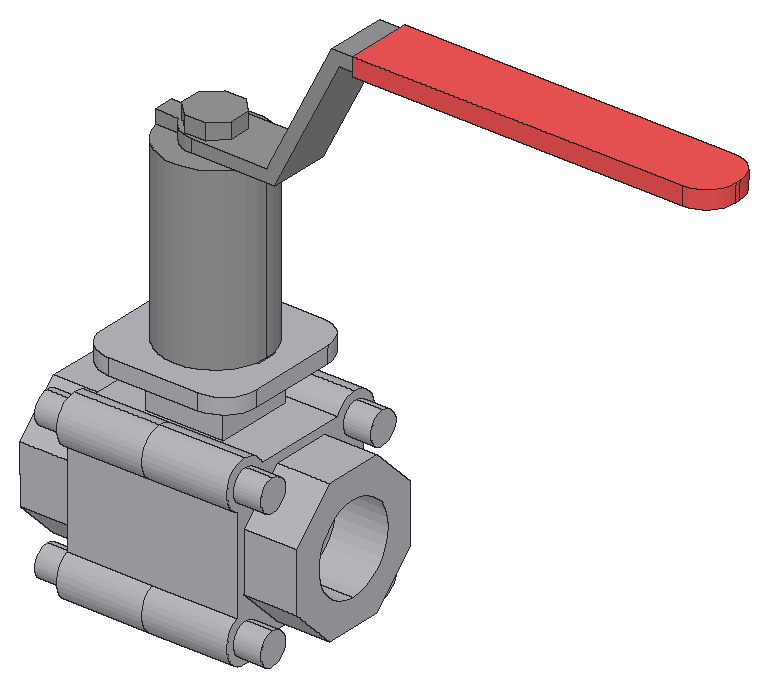
Revit family "321ACSEK-Ball-Valve", category Pipe Accessories, Revit 2018
Family settings
  Round Connector Dimension = Use Diameter
  Part Type = Valve - Breaks Into
  OmniClass Number = 23.60.30.11.14
  OmniClass Title = Pipework Fittings
  Work Plane-Based = No
  Always vertical = Yes
  Cut with Voids When Loaded = No
  Shared = No
Parameters
  Z4 [instance] = size_lookup(LookupTable, "Z4", 0.000", Nominal Diameter)  # 0.920"
  Z3 [instance] = size_lookup(LookupTable, "Z3", 0.000", Nominal Diameter)  # 0.200"
  Weight [instance] = size_lookup(LookupTable, "Weight", "NA", Nominal Diameter)  # "4.59 lbs."
  URL = "http://www.fnw.com"
  Standards Lookup Table = "Standards"  # constant formula
  R3 [instance] = size_lookup(LookupTable, "R3", 0.000", Nominal Diameter)  # 1.24451"
  Product ID Handle [instance] = size_lookup(LookupTable, "ProductIDHandle", "NA", Nominal Diameter)  # "4448723"
  Product ID [instance] = size_lookup(LookupTable, "ProductID", "NA", Nominal Diameter)  # "4106201"
  Pipe Diameter [instance] = size_lookup(Standards Lookup Table, "copper", 0.000", Nominal Diameter)  # 1.125"
  Pins [instance] = Lm / 2  # 0.880"
  Pin Length [instance] = X2 * 4 + X3  # 2.8824"
  Pin Diameter [instance] = size_lookup(LookupTable, "m", 0.000", Nominal Diameter)  # 0.400"
  Pin Bung [instance] = Pin Diameter * 1.5  # 0.600"
  Part Number Handle [instance] = size_lookup(LookupTable, "PartNumberHandle", "NA", Nominal Diameter)  # "FNW320ASEKGH"
  Part Number [instance] = size_lookup(LookupTable, "PartNumber", "NA", Nominal Diameter)  # "FNW321ACG"
  PIpe Radius [instance] = Pipe Diameter / 2  # 0.5625"
  NPT Insert [instance] = size_lookup(Standards Lookup Table, "NPT_insert", 0.000", Nominal Diameter)  # 0.6828"
  Manufacturer = "FNW"  # constant formula
  Lm [instance] = size_lookup(LookupTable, "lm", 0.000", Nominal Diameter)  # 1.760"
  Grip Pin4 [instance] = X3 / 2 + (X2 * 2)  # 1.4412"
  Gear [instance] = D3_Half - 0.063"  # 0.4295"
  Description BOM Handle [instance] = size_lookup(LookupTable, "Description_BOMHandle", "NA", Nominal Diameter)  # "1 - 1-1/4 STEM Extension Kit 320A BV"
  Description BOM [instance] = size_lookup(LookupTable, "Description_BOM", "NA", Nominal Diameter)  # "1 CS Stainless Steel 2000# 250# Steam Threaded 3 Piece"
  Z2 [instance] = size_lookup(LookupTable, "Z2", 0.000", Nominal Diameter)  # 0.300"
  Z1 [instance] = size_lookup(LookupTable, "Z1", 0.000", Nominal Diameter)  # 1.290"
  X3 [instance] = size_lookup(LookupTable, "X3", 0.000", Nominal Diameter)  # 1.4664"
  X2 [instance] = size_lookup(LookupTable, "X2", 0.000", Nominal Diameter)  # 0.354"
  X1 [instance] = size_lookup(LookupTable, "X1", 0.000", Nominal Diameter)  # 0.6828"
  Show Lever Clearance [instance] = no
  R2 [instance] = size_lookup(LookupTable, "R2", 0.000", Nominal Diameter)  # 1.04451"
  R1_Diam [instance] = R1 * 2  # 1.810"
  R1 [instance] = size_lookup(LookupTable, "R1", 0.000", Nominal Diameter)  # 0.905"
  Nominal Radius [instance] = Nominal Diameter / 2  # 0.500"
  Nominal Diameter [instance] = 1.000"
  LookupTable = "321ACSEK-Ball-Valve"  # constant formula
  HexAngle1 [instance] = 135.00°  # constant formula
  D4 [instance] = size_lookup(LookupTable, "D4", 0.000", Nominal Diameter)  # 0.5625"
  D3_Half [instance] = D3 / 2  # 0.4925"
  D3 [instance] = size_lookup(LookupTable, "D3", 0.000", Nominal Diameter)  # 0.985"
  D2_Half [instance] = D2 / 2  # 0.73875"
  D2 [instance] = size_lookup(LookupTable, "D2", 0.000", Nominal Diameter)  # 1.4775"
  D1_Half [instance] = D1 / 2  # 0.985"
  D1 [instance] = size_lookup(LookupTable, "D1", 0.000", Nominal Diameter)  # 1.970"
  Body_W [instance] = Lm / 2 + 0.125"  # 1.005"
  1_Z5 [instance] = size_lookup(LookupTable, "1_Z5", 0.000", Nominal Diameter)  # 0.250"
  1_Z4 [instance] = size_lookup(LookupTable, "1_Z4", 0.000", Nominal Diameter)  # 0.125"
  1_Z3 [instance] = size_lookup(LookupTable, "1_Z3", 0.000", Nominal Diameter)  # 2.283"
  1_Z2 [instance] = size_lookup(LookupTable, "1_Z2", 0.000", Nominal Diameter)  # 0.1644"
  1_Z1 [instance] = size_lookup(LookupTable, "1_Z1", 0.000", Nominal Diameter)  # 1.66135"
  1_Y1 [instance] = size_lookup(LookupTable, "1_Y1", 0.000", Nominal Diameter)  # 0.760"
  1_X6 [instance] = size_lookup(LookupTable, "1_X6", 0.000", Nominal Diameter)  # 0.375"
  1_X5 [instance] = size_lookup(LookupTable, "1_X5", 0.000", Nominal Diameter)  # 0.375"
  1_X4 [instance] = size_lookup(LookupTable, "1_X4", 0.000", Nominal Diameter)  # 0.90315"
  1_X3 [instance] = size_lookup(LookupTable, "1_X3", 0.000", Nominal Diameter)  # 6.690"
  1_X2 [instance] = size_lookup(LookupTable, "1_X2", 0.000", Nominal Diameter)  # 0.83068"
  1_X1 [instance] = size_lookup(LookupTable, "1_X1", 0.000", Nominal Diameter)  # 1.8063"
  1_D1 [instance] = size_lookup(LookupTable, "1_D1", 0.000", Nominal Diameter)  # 1.3138"
Reference planes (in)
  plane 1 "Center (Front/Back)": y = 0
  plane 2: z = 0
  plane 3 "Center (Left/Right)": x = 0
  plane 4 "X7 End": x = -1.77
  plane 5: x = -0.7332
  plane 6: x = 0.7332
  plane 7: x = 1.77
  plane 8 "Pipe radius": z = 0.5625
  plane 9 "NPT": x = -1.0872
  plane 10: z = 0.905
  plane 11: z = 1.29
  plane 12: z = 1.59
  plane 13 "top of pad": z = 1.79
  plane 14: x = 1.0872
  plane 15: x = -1.0872
  plane 16: y = -0.88
  plane 17: z = -0.88
  plane 18: z = 0.88
  plane 19: y = 0.88
  plane 20: x = 10.098
  plane 21: x = -6.87
  plane 22: y = 2.5
  plane 23: y = -2.5
  plane 24: y = -0.88
  plane 25: z = -0.88
  plane 26: z = 0.88
  plane 27: y = 0.88
  plane 28: through (0, 0, 0) normal (0, 0.7071, -0.7071)
  plane 29: through (0, 0, 0) normal (0, 0.7071, 0.7071)
  plane 30: y = -0.88
  plane 31: y = 0.88
  plane 32: y = -1.465
  plane 33: z = -1.465
  plane 34: z = 1.465
  plane 35: y = 1.465
  plane 36 "Pin Plane": x = -1.4412
  plane 37 "NPT 3": x = 1.77
  plane 38: x = 1.4412
  plane 39: z = -1.27275
  plane 40 "LM": z = 1.27275
Forms (in)
  Extrusion 1, solid, material "Steel, Stainless", not visible
    sketch origin (-1.0872, 0, 0) x (0, 0, 1) y (0, -1, 0)
      loop
        circle (0, 0) r 0.5
    from 0 to 2.1744
  Extrusion 2, solid, material "Steel, Stainless"
    sketch origin (1.4276, 0, 0) x (0, 0, 1) y (0, -1, 0)
      loop
        line (-0.37486, -0.905) -> (0.37486, -0.905) -> (0.905, -0.37486) -> (0.905, 0.37486) -> (0.37486, 0.905) -> (-0.37486, 0.905) -> (-0.905, 0.37486) -> (-0.905, -0.37486) -> (-0.37486, -0.905)
      loop
        circle (0, 0) r 0.5625
    from -3.1976 to 0.3424
  Extrusion 3, solid, material "Steel, Stainless"
    sketch origin (0, 0, 0.865) x (-1, 0, 0) y (0, -1, 0)
      loop
        arc (0.56833, -0.985) -> (0.86296, -0.86296) -> (0.985, -0.56833) r 0.41667
        line (0.985, -0.56833) -> (0.985, 0.56833)
        arc (0.985, 0.56833) -> (0.86296, 0.86296) -> (0.56833, 0.985) r 0.41667
        line (0.56833, 0.985) -> (-0.56833, 0.985)
        arc (-0.56833, 0.985) -> (-0.86296, 0.86296) -> (-0.985, 0.56833) r 0.41667
        line (-0.985, 0.56833) -> (-0.985, -0.56833)
        arc (-0.985, -0.56833) -> (-0.86296, -0.86296) -> (-0.56833, -0.985) r 0.41667
        line (-0.56833, -0.985) -> (0.56833, -0.985)
      loop
        circle (0, 0) r 0.4925
      loop
        circle (0, 0) r 0.4295
    from 0.725 to 0.925
  Extrusion 4, solid, material "Steel, Stainless"
    sketch origin (0, 0, 0.865) x (-1, 0, 0) y (0, -1, 0)
      loop
        line (0.4925, -0.4925) -> (0.4925, 0.4925) -> (-0.4925, 0.4925) -> (-0.4925, -0.4925) -> (0.4925, -0.4925)
    from -0.3025 to 0.725
  Extrusion 5, solid, material "Steel, Stainless"
    sketch origin (0, 0, 0.865) x (-1, 0, 0) y (0, -1, 0)
      loop
        line (0.21875, -0.21875) -> (0.21875, 0.21875) -> (-0.21875, 0.21875) -> (-0.21875, -0.21875) -> (0.21875, -0.21875)
    from 0.425 to 0.925
  Extrusion 6, solid, material "Steel, Stainless"
    sketch origin (-1.0872, 0, 0) x (0, 0, 1) y (0, -1, 0)
      loop
        circle (0.88, 0.88) r 0.2
      loop
        circle (0.88, -0.88) r 0.2
      loop
        circle (-0.88, -0.88) r 0.2
      loop
        circle (-0.88, 0.88) r 0.2
    from -0.354 to 2.5284
  Extrusion 7, solid, material "Steel, Stainless"
    sketch origin (-1.0872, 0, 0) x (0, 0, 1) y (0, -1, 0)
      loop
        circle (0.88, -0.88) r 0.3
      loop
        circle (0.88, 0.88) r 0.3
      loop
        circle (-0.88, 0.88) r 0.3
      loop
        circle (-0.88, -0.88) r 0.3
    from 0 to 1.0872
  Extrusion 8, solid, material "Steel, Stainless"
    sketch origin (-1.0872, 0, 0) x (0, 0, 1) y (0, -1, 0)
      loop
        circle (0.88, -0.88) r 0.3
      loop
        circle (0.88, 0.88) r 0.3
      loop
        circle (-0.88, 0.88) r 0.3
      loop
        circle (-0.88, -0.88) r 0.3
    from 1.0872 to 2.1744
  Extrusion 9, solid, material "Steel, Stainless"
    sketch origin (-1.4412, 0, 0) x (0, 0, 1) y (0, -1, 0)
      loop
        line (1.005, -1.005) -> (1.005, 1.005) -> (-1.005, 1.005) -> (-1.005, -1.005) -> (1.005, -1.005)
    from 0.354 to 2.5284
Cuts and joins
  joined: Extrusion 7, Extrusion 8, Extrusion 9
Dimensions and locks (in)
  "PIpe Radius": plane 8 "Pipe radius" to plane 2
  "X1": plane 4 "X7 End" to plane 9 "NPT"
  "R1": Extrusion 2 sketch curve to plane 1 "Center (Front/Back)"
  "R1": plane 1 "Center (Front/Back)" to Extrusion 2 sketch curve  (x5)
  "R1": plane 2 to Extrusion 2 sketch curve  (x2)
  "R1": plane 10 to plane 2
  "Z1": plane 11 to plane 2
  "Z2": plane 12 to plane 11
  "Z3": plane 13 "top of pad" to plane 12
  "X2": plane 5 to plane 9 "NPT"
  "D1_Half": Extrusion 3 sketch curve to plane 3 "Center (Left/Right)"
  "D1_Half": plane 3 "Center (Left/Right)" to Extrusion 3 sketch curve
  "D1_Half": plane 1 "Center (Front/Back)" to Extrusion 3 sketch curve
  "D1_Half": Extrusion 3 sketch curve to plane 1 "Center (Front/Back)"
  "D3_Half": Extrusion 4 sketch curve to plane 3 "Center (Left/Right)"
  "D3_Half": plane 3 "Center (Left/Right)" to Extrusion 4 sketch curve
  "D3_Half": plane 1 "Center (Front/Back)" to Extrusion 4 sketch curve  (x2)
  "NPT Insert": plane 4 "X7 End" to plane 15
  equal spacing: Extrusion 5 sketch curve, plane 1 "Center (Front/Back)", Extrusion 5 sketch curve
  Extrusion 5 sketch curve to Extrusion 5 sketch curve = 0.4375"  (x2)
  equal spacing: Extrusion 5 sketch curve, plane 3 "Center (Left/Right)", Extrusion 5 sketch curve
  "Pins": plane 2 to plane 18
  "Pins": plane 2 to plane 17
  "Pins": plane 1 "Center (Front/Back)" to plane 16
  "Pins": plane 19 to plane 1 "Center (Front/Back)"
  equal spacing: plane 22, plane 1 "Center (Front/Back)", plane 23
  plane 22 to plane 23 = 5.000"
  "Pins": plane 27 to plane 1 "Center (Front/Back)" to plane 24
  "Pins": plane 25 to plane 2 to plane 26
  plane 31 to plane 30 = 1.760"
  equal spacing: plane 31, plane 1 "Center (Front/Back)", plane 30
  "Lm": plane 31 to plane 30
  plane 35 to plane 32 = 2.930"
  plane 33 to plane 34 = 2.930"
  "X2": plane 14 to plane 6
  "X2": plane 15 to plane 36 "Pin Plane"
  equal spacing: plane 6, plane 3 "Center (Left/Right)", plane 5
  "X3": plane 6 to plane 5
  "X1": plane 37 "NPT 3" to plane 14
  "Grip Pin4": Extrusion 6 to plane 3 "Center (Left/Right)"
  "X2": plane 38 to plane 14
  "NPT Insert": plane 7 to plane 14
  "Body_W": Extrusion 9 sketch curve to plane 2
  "Body_W": plane 1 "Center (Front/Back)" to Extrusion 9 sketch curve
  "Body_W": plane 2 to Extrusion 9 sketch curve
  "Body_W": Extrusion 9 sketch curve to plane 1 "Center (Front/Back)"
  "Nominal Radius": radius of Extrusion 1 sketch curve
  "PIpe Radius": radius of Extrusion 2 sketch curve
  radius of Extrusion 3 sketch curve = 0.41667"  (x4)
  "D3_Half": radius of Extrusion 3 sketch curve
  "Gear": radius of Extrusion 3 sketch curve
  "Pin Diameter": diameter of Extrusion 6 sketch curve  (x4)
  "Pin Bung": diameter of Extrusion 7 sketch curve  (x4)
  "Pin Bung": diameter of Extrusion 8 sketch curve  (x4)
  angle Extrusion 2 sketch curve to Extrusion 2 sketch curve = 135.00°  (x7)
  aligned and locked: plane 2 to level
  aligned and locked: plane 4 "X7 End" to Extrusion 2
  aligned and locked: Extrusion 3 to plane 12
  aligned and locked: plane 13 "top of pad" to Extrusion 3
  aligned and locked: Extrusion 4 to plane 8 "Pipe radius"
  aligned and locked: Extrusion 1 to plane 15
  aligned and locked: plane 12 to Extrusion 4
  aligned and locked: Extrusion 5 to plane 11
  aligned and locked: Extrusion 7 to plane 9 "NPT"
  aligned and locked: Extrusion 8 to Extrusion 1
  aligned and locked: plane 14 to Extrusion 8
  aligned and locked: Extrusion 2 to plane 37 "NPT 3"
  aligned and locked: plane 13 "top of pad" to Extrusion 5
  aligned and locked: Extrusion 6 to plane 36 "Pin Plane"
  aligned and locked: plane 3 "Center (Left/Right)" to Extrusion 7
  aligned and locked: Extrusion 8 to plane 3 "Center (Left/Right)"
  aligned and locked: Extrusion 9 to plane 9 "NPT"
  aligned and locked: Extrusion 9 to Extrusion 1
Automatic sketch dimensions
  Extrusion 1 sketch curve to level = 0.000"
  Extrusion 1 sketch curve to plane 1 "Center (Front/Back)" = 0.000"
  Extrusion 2 sketch curve to level = 0.000"
  Extrusion 2 sketch curve to plane 1 "Center (Front/Back)" = 0.000"
  Extrusion 3 sketch curve to Extrusion 3 sketch curve = 0.000"  (x2)
  plane 1 "Center (Front/Back)" to Extrusion 3 sketch curve = 0.000"
  Extrusion 3 sketch curve to plane 3 "Center (Left/Right)" = 0.000"
  Extrusion 6 sketch curve to plane 17 = 0.000"  (x2)
  Extrusion 6 sketch curve to plane 16 = 0.000"  (x2)
  plane 18 to Extrusion 6 sketch curve = 0.000"  (x2)
  Extrusion 6 sketch curve to plane 19 = 0.000"  (x2)
  Extrusion 7 sketch curve to plane 24 = 0.000"  (x2)
  Extrusion 7 sketch curve to plane 25 = 0.000"  (x2)
  plane 26 to Extrusion 7 sketch curve = 0.000"  (x2)
  Extrusion 7 sketch curve to plane 27 = 0.000"  (x2)
  plane 28 to Extrusion 8 sketch curve = 0.000"  (x2)
  Extrusion 8 sketch curve to plane 30 = 0.000"  (x2)
  plane 29 to Extrusion 8 sketch curve = 0.000"  (x2)
  Extrusion 8 sketch curve to plane 31 = 0.000"  (x2)
Nested families (in)
  nested 1: "Nested Lever Ex AC321A" at (0, 0, 1.79), Show Lever Clearance <- "Show Lever Clearance", Description BOM <- "Description BOM Handle", Part Number <- "Part Number Handle", Product ID <- "Product ID Handle", Z3 <- "Z3", 1_Z2 <- "1_Z2", 1_Z1 <- "1_Z1", 1_Y1 <- "1_Y1", 1_X3 <- "1_X3", 1_X2 <- "1_X2", 1_X1 <- "1_X1", D3 <- "D3", 1_Z3 <- "1_Z3", 1_Z4 <- "1_Z4", 1_Z5 <- "1_Z5", 1_D1 <- "1_D1", type "Nested Lever Ex AC321A"
    with Zero 0.000", Z6 0.125", Z3 0.200", Z1_Z2 0.91288", Void_Outer_Radius 0.4425", Void_Outer 0.885", Tab_Width 0.4425", Tab_Height_Center 0.83068", Show Lever Clearance no, Product ID "4448723", Part Number "FNW320ASEKGH", Nut 0.635", Lock_Tab_Width 1.010", Lock Tab 0.500", Hypotenuse_Tab_Center 0.92872", Grip_L3 0.2269", Grip_L2 0.19565", Grip_L1 0.03125", Description BOM "1 - 1-1/4 STEM Extension Kit 320A BV", D3_Half 0.32833", D3 0.985", Clearance Hieght 6.000", Angle Hex Head 135.00°, Ang_Constraint 39.81°, 1_Z5 0.250", 1_Z4 0.125", 1_Z3 2.283", 1_Z2_X2 0.3288", 1_Z2_Half 0.0822", 1_Z2 0.1644", 1_Z1_Quarter 0.49754", 1_Z1 1.66135", 1_Y1_Half 0.380", 1_Y1 0.760", 1_X3 6.690", 1_X2_Quarter 0.20767", 1_X2_Half 0.41534", 1_X2 0.83068", 1_X1 1.8063", 1_D1_Half 0.6569", 1_D1 1.3138", 0Grip 2.125"
Connectors (in)
  piping at (-1.0872, 0, 0), diameter 1, driven by "Nominal Diameter"
    settings: on Extrusion 1, index 1, connector inside diameter 24", connector length 0.000", flow factor 0, pipe flow 0 GPM, pressure drop 0.00 psi, fitting loss kfactor 0, connector angle 0.00°, fixture units 0, engagement length 0.000", angle of deflection 0.00°, flow configuration 0, flow direction 0, fitting loss method 0, system type 7, joint type 0, gender type 0, connector reference index 2, connector utility 0, adjustable connector no, is connector primary yes, connector description ""
  piping at (1.0872, 0, 0), diameter 1, driven by "Nominal Diameter"
    settings: on Extrusion 1, index 2, connector inside diameter 24", connector length 0.000", flow factor 0, pipe flow 0 GPM, pressure drop 0.00 psi, fitting loss kfactor 0, connector angle 0.00°, fixture units 0, engagement length 0.000", angle of deflection 0.00°, flow configuration 0, flow direction 0, fitting loss method 0, system type 7, joint type 0, gender type 0, connector reference index 1, connector utility 0, adjustable connector no, is connector primary no, connector description ""
Definition of nested family "Nested Lever Ex AC321A"
  Parameters (values of type "Nested Lever Ex 321A")
    Zero [instance] = 0.000"  # constant formula
    Z6 [instance] = 0.125"
    Z3 [instance] = 0.125"
    Z1_Z2 [instance] = ([1_Z1] + [1_Z2]) / 2  # 0.71875"
    Tab_Width [instance] = [1_Y1_Half] + (Grip_L1 * 2)  # 1.0625"
    Tab_Height_Center [instance] = [1_Z1] / 2  # 0.625"
    Product ID [instance] = ""
    Part Number [instance] = ""
    Nut [instance] = [1_Y1] - 0.125"  # 1.875"
    Lock_Tab_Width [instance] = [1_Y1] + 0.250"  # 2.250"
    Lock Tab [instance] = 0.500"  # constant formula
    Hypotenuse_Tab_Center [instance] = sqrt(Tab_Height_Center ^ 2 + [1_X2_Half] ^ 2)  # 0.97628"
    Description BOM [instance] = ""
    Angle 2 = 45.00°  # constant formula
    Ang_Constraint [instance] = 39.81°  # constant formula
    1_Z5 [instance] = 0.69253"
    1_Z4 [instance] = 0.31083"
    1_Z3 [instance] = 4.14213"
    1_Z2_X2 [instance] = [1_Z2] * 2  # 0.375"
    1_Z2 [instance] = 0.1875"
    1_Z1_Quarter [instance] = [1_Z1] / 4 + ([1_Z2_Half])  # 0.40625"
    1_Z1 [instance] = 1.250"
    1_Y1_Half [instance] = [1_Y1] / 2  # 1.000"
    1_Y1 [instance] = 2.000"
    1_X3 [instance] = 15.65095"
    1_X2_Quarter [instance] = [1_X2] / 4  # 0.375"
    1_X2_Half [instance] = [1_X2] / 2  # 0.750"
    1_X1 [instance] = 2.500"
    1_X2 [instance] = 1.500"
    Void_Outer_Radius [instance] = Void_Outer / 2  # 1.0625"
    Void_Outer [instance] = [1_Y1] + Grip_L1 * 4  # 2.125"
    Show Lever Clearance [instance] = yes
    Grip_L3 [instance] = Grip_L1 + Grip_L2  # 0.250"
    Grip_L1 [instance] = 0.03125"  # constant formula
    Grip_L2 [instance] = [1_Z2] + Grip_L1  # 0.21875"
    Default Elevation = 48.000"
    D3_Half [instance] = D3 / 3  # 0.23251"
    D3 [instance] = 0.69752"
    Clearance Hieght [instance] = 6.000"  # constant formula
    Angle Hex Head [instance] = 135.00°  # constant formula
    1_Z2_Half [instance] = [1_Z2] / 2  # 0.09375"
    1_D1_Half [instance] = [1_D1] / 2  # 1.000"
    1_D1 [instance] = 2.000"
    0Grip [instance] = 2.125"  # constant formula
  Reference planes (in)
    plane 1 "Center (Front/Back)": y = 0
    plane 2: z = 0
    plane 3 "Center (Left/Right)": x = 0
    plane 4: y = 1
    plane 5: y = -1
    plane 6: y = 1.03125
    plane 7: y = -1.03125
    plane 8: y = 0.5
    plane 9: y = -0.5
    plane 10: x = 2.25
    plane 11: z = 4.32963
    plane 12: x = 15.65095
    plane 13: x = 1.4375
    plane 14: x = 2.9375
    plane 15: z = 5.57963
    plane 16: z = 5.39213
    plane 17: z = 4.45463
    plane 18: z = 5.61088
    plane 19: z = 5.36088
    plane 20: x = 3.15625
    plane 21: z = 3.82963
    plane 22: x = -1.0625
    plane 23: x = 0.23251
    plane 24: x = 1
    plane 25: x = -1
    plane 26: z = -0.69253
    plane 27: z = -0.31083
    plane 28 "Lever Base": z = 4.14213
    plane 29: y = 0.133
    plane 30: y = -0.133
    plane 31: x = 0.1875
  Forms (in)
    Extrusion 1, solid
      sketch origin (0, 0, 0) x (1, 0, 0) y (0, 1, 0)
        loop
          line (-48, 48) -> (-48, -48) -> (48, -48) -> (48, 48) -> (-48, 48)
      from 0 to -12
    Extrusion 2, solid
      sketch origin (0, 0, 8.25) x (1, 0, 0) y (0, 0, 1)
        loop
          line (1.14462, -4.10787) -> (1.4375, -4.10787) -> (2.9375, -2.85787) -> (4.15625, -2.85787) -> (4.15625, -2.67037) -> (2.86962, -2.67037) -> (1.14462, -4.10787)
      from -1 to 1
    Extrusion 3, solid
      sketch origin (0, 0, 8.25) x (1, 0, 0) y (0, 1, 0)
        loop
          line (0.9375, 0.38833) -> (0.38833, 0.9375) -> (-0.38833, 0.9375) -> (-0.9375, 0.38833) -> (-0.9375, -0.38833) -> (-0.38833, -0.9375) -> (0.38833, -0.9375) -> (0.9375, -0.38833) -> (0.9375, 0.38833)
      from -3.92037 to -3.79537
    Extrusion 4, solid
      sketch origin (0, 0, 8.25) x (1, 0, 0) y (0, 1, 0)
        loop
          line (14.65095, 1.03125) -> (3.15625, 1.03125) -> (3.15625, -1.03125) -> (14.65095, -1.03125)
          arc (14.65095, -1.03125) -> (15.35806, -0.73836) -> (15.65095, -0.03125) r 1
          line (15.65095, -0.03125) -> (15.65095, 0.03125)
          arc (15.65095, 0.03125) -> (15.35806, 0.73836) -> (14.65095, 1.03125) r 1
      from -2.88912 to -2.63912
    Extrusion 5, solid, visible <- "Show Lever Clearance"
      sketch origin (2.98898, 0, 4.14213) x (0, 1, 0) y (-1, 0, 0)
        loop
          line (1, 1) -> (-12.66198, 1)
          arc (-12.66198, 1) -> (-8.66048, -8.66048) -> (1, -12.66198) r 13.66198
          line (1, -12.66198) -> (1, 1)
      from 0 to 6 <- "Clearance Hieght"
    Extrusion 6, solid
      sketch origin (0, 0, 8.25) x (1, 0, 0) y (0, 1, 0)
        loop
          line (1.4375, -1) -> (1.4375, 1) -> (0, 1) -> (0, -1) -> (1.4375, -1)
      from -4.10787 to -3.92037
    Revolve 7, solid
      sketch origin (0, 0, 0) x (1, 0, 0) y (0, 0, 1)
        loop
          line (0, 0) -> (1, 0) -> (1, 4.14213) -> (0.625, 4.14213) -> (0.625, 0.28036) -> (0, 0.28036) -> (0, 0)
        axis (0, 4.14213) -> (0, 0)
      angle from 0 to 360
    Extrusion 8, solid
      sketch origin (0, 0, 0) x (1, 0, 0) y (0, 1, 0)
        loop
          line (-1, 0.133) -> (-1, -0.133) -> (-0.8125, -0.133) -> (-0.8125, 0.133) -> (-1, 0.133)
      from -0.69253 to 0
    Extrusion 9, solid
      sketch origin (0, 0, 0) x (1, 0, 0) y (0, 1, 0)
        loop
          line (-1, 0.133) -> (-1, -0.133) -> (-0.875, -0.133) -> (-0.875, 0.133) -> (-1, 0.133)
      from 3.64213 to 4.14213
    Extrusion 10, solid
      sketch origin (0, 0, 0) x (-1, 0, 0) y (0, -1, 0)
        loop
          line (-1, -0.133) -> (-0.8125, -0.133) -> (-0.8125, 0.133) -> (-1, 0.133) -> (-1, -0.133)
      from -0.31083 to 0
    Extrusion 11, solid
      sketch origin (0, 0, 0) x (1, 0, 0) y (0, 1, 0)
        loop
          circle (0, 0) r 1
      from 4.14213 to 4.32963
    Extrusion 12, solid
      sketch origin (0, 0, 4.14213) x (0, 1, 0) y (-1, 0, 0)
        loop
          line (0.133, 1) -> (-0.133, 1) -> (-0.133, 0) -> (0.133, 0) -> (0.133, 1)
      from 0 to 0.1875
  Cuts and joins
    joined: Extrusion 2, Extrusion 6, Extrusion 9, Extrusion 11, Extrusion 12
  Lines and regions (in)
    reference lines
      curve 1: line (0, 0, 7.6012) -> (0, 0, 3.32963)
  Dimensions and locks (in)
    equal spacing: plane 4, plane 1 "Center (Front/Back)", plane 5
    "1_Y1": plane 4 to plane 5
    "Grip_L1": plane 5 to plane 7
    "Grip_L1": plane 6 to plane 4
    equal spacing: plane 9, plane 1 "Center (Front/Back)", plane 8
    "1_Y1_Half": plane 9 to plane 8
    "1_X3": plane 12 to plane 3 "Center (Left/Right)"
    "1_X2": plane 14 to plane 13
    "1_Z2": plane 15 to plane 16
    equal spacing: Extrusion 3 sketch curve, curve 1, Extrusion 3 sketch curve  (x4)
    "Nut": Extrusion 3 sketch curve to Extrusion 3 sketch curve  (x4)
    "Grip_L1": plane 18 to plane 15
    "Grip_L2": plane 15 to plane 19
    "Grip_L2": plane 20 to plane 14
    Extrusion 5 sketch curve to Extrusion 5 sketch curve = 13.66198"  (x2)
    "D3_Half": plane 23 to plane 3 "Center (Left/Right)"
    equal spacing: plane 25, plane 3 "Center (Left/Right)", plane 24
    "1_D1": plane 25 to plane 24
    "1_Z4": plane 27 to plane 2
    "1_Z5": plane 26 to plane 2
    "Lock Tab": plane 21 to plane 11
    "1_Z3": plane 2 to plane 28 "Lever Base"
    "1_Z2_X2": Revolve 7 sketch curve to plane 24
    equal spacing: Extrusion 8 sketch curve, plane 1 "Center (Front/Back)", Extrusion 8 sketch curve
    Extrusion 8 sketch curve to Extrusion 8 sketch curve = 0.26599"
    "1_Z2": plane 25 to Extrusion 8 sketch curve
    Extrusion 9 sketch curve to Extrusion 9 sketch curve = 0.26599"  (x2)
    "Lock Tab": plane 28 "Lever Base" to Extrusion 9
    "1_Z2": plane 28 "Lever Base" to plane 11
    "Z3": plane 11 to plane 17
    plane 11 to plane 15 = 1.250"
    Extrusion 10 sketch curve to Extrusion 10 sketch curve = 0.26599"  (x2)
    "1_Z2": Extrusion 10 to plane 24
    plane 12 to plane 3 "Center (Left/Right)" = 15.65095"
    "1_Z2": plane 15 to Extrusion 2
    equal spacing: plane 29, plane 1 "Center (Front/Back)", plane 30
    "1_Z2": plane 31 to plane 3 "Center (Left/Right)"
    equal spacing: plane 13, plane 31, plane 22
    "1_X1": plane 13 to plane 22
    "1_Z2": Extrusion 2 sketch curve to Extrusion 2 sketch curve
    "1_Z1": plane 15 to plane 11
    "1_Y1_Half": radius of Extrusion 4 sketch curve  (x2)
    radius of Extrusion 5 sketch curve = 13.66198"
    "1_Y1_Half": radius of Extrusion 11 sketch curve
    "Angle Hex Head": angle Extrusion 3 sketch curve to Extrusion 3 sketch curve  (x6)
    aligned and locked: plane 2 to Extrusion 1
    aligned and locked: level to Extrusion 1
    aligned and locked: plane 16 to Extrusion 2 sketch curve
    aligned and locked: plane 15 to Extrusion 2 sketch curve
    aligned and locked: curve 1 to plane 3 "Center (Left/Right)"
    aligned and locked: plane 11 to Extrusion 3
    aligned and locked: Extrusion 3 to plane 17
    aligned and locked: Extrusion 4 sketch curve to plane 20
    aligned and locked: Extrusion 4 to plane 19
    aligned and locked: Extrusion 4 to plane 18
    aligned and locked: plane 13 to Extrusion 6 sketch curve
    aligned and locked: plane 24 to Revolve 7 sketch curve
    aligned and locked: Extrusion 8 to plane 26
    aligned and locked: plane 28 "Lever Base" to Extrusion 9
    aligned and locked: plane 27 to Extrusion 10
    aligned and locked: plane 12 to Extrusion 5
    aligned and locked: plane 4 to Extrusion 2
    aligned and locked: Extrusion 2 to plane 5
    aligned and locked: plane 4 to Extrusion 6 sketch curve
    aligned and locked: plane 5 to Extrusion 6 sketch curve
    aligned and locked: Extrusion 6 to plane 3 "Center (Left/Right)"
    aligned and locked: Extrusion 11 to plane 11
    aligned and locked: Extrusion 11 to Extrusion 5
    aligned and locked: Extrusion 6 to Extrusion 5
    aligned and locked: Extrusion 6 to plane 11
    aligned and locked: Extrusion 12 sketch curve to plane 25
    aligned and locked: Extrusion 12 to plane 11
    aligned and locked: Revolve 7 to plane 28 "Lever Base"
  Automatic sketch dimensions
    Extrusion 1 sketch curve to Extrusion 1 sketch curve = 96.000"  (x2)
    plane 21 to curve 1 = 0.500"
    plane 18 to curve 1 = 1.99032"
    Extrusion 9 sketch curve to plane 25 = 0.000"
    Extrusion 9 sketch curve to Extrusion 9 sketch curve = 0.125"
    plane 1 "Center (Front/Back)" to Extrusion 9 sketch curve = 0.133"
    Extrusion 10 sketch curve to plane 24 = 0.000"
    Extrusion 10 sketch curve to Extrusion 10 sketch curve = 0.1875"
    Extrusion 10 sketch curve to plane 1 "Center (Front/Back)" = 0.133"
    Extrusion 5 sketch curve to plane 25 = 2.98898"
    Extrusion 5 sketch curve to plane 4 = 0.000"
    Extrusion 6 sketch curve to plane 25 = 1.000"
    Extrusion 12 sketch curve to plane 30 = 0.000"
    plane 29 to Extrusion 12 sketch curve = 0.000"
    Extrusion 12 sketch curve to plane 3 "Center (Left/Right)" = 0.000"
    Extrusion 2 sketch curve to plane 28 "Lever Base" = 0.000"
    plane 13 to Extrusion 2 sketch curve = 0.000"
    Extrusion 2 sketch curve to plane 14 = 0.000"
    plane 20 to Extrusion 2 sketch curve = 1.000"
    plane 6 to Extrusion 4 sketch curve = 0.000"
    plane 7 to Extrusion 4 sketch curve = 0.000"
    Extrusion 4 sketch curve to plane 12 = 0.000"
    Revolve 7 sketch curve to plane 3 "Center (Left/Right)" = 0.000"  (x2)
    Revolve 7 sketch curve to level = 0.000"
    Revolve 7 sketch curve to plane 28 "Lever Base" = 0.000"
    level to Revolve 7 sketch curve = 0.28036"
    Revolve 7 sketch curve to plane 26 = 2.83452"
    plane 21 to Revolve 7 sketch curve = 0.750"
    Extrusion 8 sketch curve to plane 25 = 0.000"
    plane 1 "Center (Front/Back)" to Extrusion 11 sketch curve = 0.000"
    Extrusion 11 sketch curve to plane 3 "Center (Left/Right)" = 0.000"
